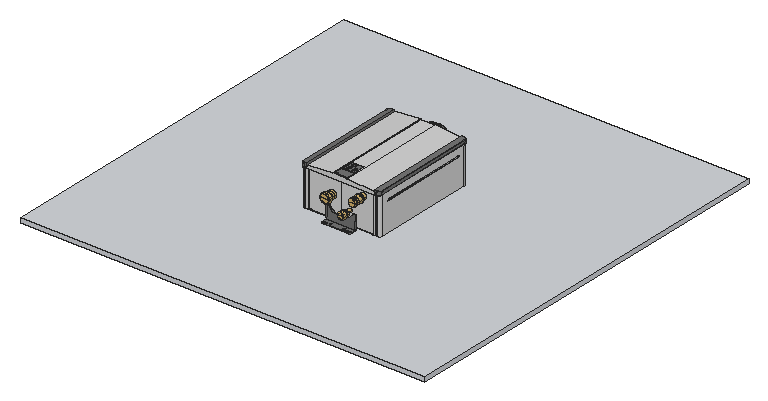
Revit family "Water_Heater-Rinnai-Ultra-Condensing-Tankless-RUC98i", category Mechanical Equipment, host Face, Revit 2012 (continued)
Definition of nested family "Water Heater"
  Automatic sketch dimensions
    plane 27 to curve 137 = 0.06257"
    curve 103 to plane 20 = 0.08334"
    curve 118 to plane 20 = 0.10317"
    plane 15 to curve 101 = 0.14131"
    curve 101 to curve 102 = 0.03504"
    plane 10 to curve 107 = 0.08799"
    plane 10 to curve 100 = 0.14922"
    plane 10 to curve 108 = 0.17772"
    plane 19 to curve 110 = 0.9498"
    curve 106 to curve 109 = 0"
    curve 100 to plane 8 = 0.68345"
    curve 112 to plane 8 = 0.65501"
    curve 112 to curve 109 = 0.08749"
    curve 114 to curve 95 = 0.34525"
    plane 8 to curve 104 = 0.05941"
    plane 8 to curve 101 = 0.05941"
    curve 102 to curve 101 = 0"
    curve 102 to curve 103 = 0.07442"
    curve 77 to plane 5 = 0"
    curve 78 to plane 8 = 0"
    plane 6 to curve 77 = 0"
    plane 8 to curve 67 = 0.22556"
    plane 5 to curve 67 = 0.52045"
    curve 69 to plane 7 = 0.41535"
    curve 67 to curve 69 = 0.48566"
    curve 69 to curve 69 = 0.02285"
    curve 68 to curve 69 = 0"
    curve 68 to curve 69 = 0.05004"
    curve 69 to curve 67 = 0.12848"
    curve 67 to curve 78 = 0.36823"
    curve 69 to curve 70 = 0.83945"
    curve 70 to curve 68 = 0"
    plane 14 to curve 86 = 0.66706"
    curve 86 to curve 83 = 0.06299"
    plane 27 to curve 81 = 0.06257"
    curve 84 to curve 81 = 0.11313"
    plane 14 to curve 82 = 0.01908"
    curve 82 to plane 14 = 0.14711"
    curve 80 to curve 82 = 0"
    curve 149 to plane 7 = 0.19831"
    plane 23 to curve 149 = 0.63676"
    curve 80 to plane 3 "Center (Left/Right)" = 0.01255"
    curve 148 to plane 7 = 0.17145"
    curve 148 to plane 12 = 0.44033"
    plane 27 to curve 87 = 0.15755"
    plane 21 to curve 87 = 0.61592"
    curve 80 to curve 87 = 0"
    plane 27 to curve 88 = 0.06257"
    curve 87 to curve 88 = 0.47629"
    curve 85 to plane 24 = 0.05637"
    plane 11 to curve 85 = 0.86344"
    curve 93 to level = 0.04045"
    curve 85 to curve 93 = 0.06299"
    plane 6 to curve 76 = 1.91844"
    curve 76 to curve 75 = 0"
    curve 79 to level = 0.04045"
    plane 6 to curve 79 = 1.52794"
    curve 79 to curve 74 = 0.3705"
    curve 73 to curve 72 = 0.13838"
    curve 72 to curve 72 = 0.03455"
    curve 75 to curve 72 = 0"
    curve 72 to curve 76 = 0.04004"
    plane 8 to curve 74 = 0.22539"
    plane 6 to curve 74 = 0.52016"
    curve 78 to level = 0.04045"
    curve 86 to level = 0.0398"
    curve 93 to plane 13 = 0.27812"
    curve 91 to curve 83 = 0.17992"
    plane 8 to curve 74 = 0.59333"
    curve 67 to curve 70 = 0.21409"
    curve 68 to curve 70 = 1/16"
    curve 73 to curve 75 = 0.15159"
    curve 75 to curve 76 = 1/16"
    Extrusion 1 sketch curve to plane 5 = 0"
    Extrusion 1 sketch curve to plane 6 = 0"
    plane 5 to Extrusion 1 sketch curve = 0.16126"
    plane 5 to Extrusion 1 sketch curve = 3/4"  (x2)
    Extrusion 1 sketch curve to plane 4 = 0.12422"
    Extrusion 1 sketch curve to Extrusion 1 sketch curve = 0.16126"  (x4)
    Extrusion 1 sketch curve to Extrusion 1 sketch curve = 0.58465"  (x2)
    plane 6 to Extrusion 1 sketch curve = 1.49591"
    Extrusion 1 sketch curve to plane 4 = 29/128"
    plane 6 to Extrusion 1 sketch curve = 0.91126"
    plane 6 to Extrusion 1 sketch curve = 0.16126"
    plane 5 to Extrusion 2 sketch curve = 1.27704"
    Extrusion 2 sketch curve to Extrusion 2 sketch curve = 7/256"  (x2)
    Extrusion 2 sketch curve to plane 3 "Center (Left/Right)" = 0.00497"
    plane 3 "Center (Left/Right)" to Extrusion 2 sketch curve = 0.00974"
    plane 6 to Extrusion 2 sketch curve = 1.30439"
    Sweep 3 sketch curve to plane 6 = 0"
    Sweep 3 sketch curve to plane 5 = 0"
    Sweep 3 sketch curve to plane 4 = 0.12422"
    plane 6 to Sweep 3 sketch curve = 3/4"  (x2)
    Sweep 3 sketch curve to Sweep 3 sketch curve = 0.74591"  (x2)
    plane 5 to Sweep 3 sketch curve = 1.49591"
    plane 5 to Sweep 3 sketch curve = 3/4"
    Sweep 3 sketch curve to profile plane = 0"  (x2)
    Sweep 3 sketch curve to Sweep 3 sketch curve = 0.0315"
    Extrusion 5 sketch curve to plane 4 = 0"
    Extrusion 5 sketch curve to Extrusion 5 sketch curve = 0.59345"
    Extrusion 5 sketch curve to Extrusion 5 sketch curve = 0.61479"
    plane 6 to Extrusion 5 sketch curve = 0.66792"
    Extrusion 6 sketch curve to plane 5 = 0.02756"
    plane 5 to Extrusion 6 sketch curve = 0.72244"  (x2)
    Extrusion 6 sketch curve to plane 4 = 1/128"  (x2)
    Extrusion 6 sketch curve to Extrusion 6 sketch curve = 0.435"
    plane 6 to Extrusion 6 sketch curve = 1.15744"
    plane 6 to Extrusion 6 sketch curve = 0.72244"  (x2)
    Extrusion 6 sketch curve to plane 6 = 0.02756"
    Extrusion 7 sketch curve to plane 5 = 0"
    plane 16 to Extrusion 7 sketch curve = 0.72706"
    plane 5 to Extrusion 8 sketch curve = 1.27704"
    Extrusion 8 sketch curve to Extrusion 8 sketch curve = 7/256"  (x2)
    Extrusion 8 sketch curve to plane 3 "Center (Left/Right)" = 0.00497"
    plane 3 "Center (Left/Right)" to Extrusion 8 sketch curve = 0.00974"
    plane 6 to Extrusion 8 sketch curve = 1.30439"
    plane 7 to Extrusion 9 sketch curve = 0.05435"
    Extrusion 9 sketch curve to plane 23 = 0.11207"
    plane 7 to Extrusion 9 sketch curve = 0.00161"  (x2)
    plane 23 to Extrusion 9 sketch curve = 0.08478"
    Extrusion 9 sketch curve to plane 7 = 0.15611"  (x2)
    Extrusion 9 sketch curve to Extrusion 9 sketch curve = 0.27318"
    Extrusion 9 sketch curve to Extrusion 9 sketch curve = 0.15748"  (x2)
    Extrusion 9 sketch curve to plane 12 = 0.43849"
    Extrusion 9 sketch curve to plane 21 = 0.06324"
    plane 21 to Extrusion 9 sketch curve = 0.13361"  (x2)
    Extrusion 9 sketch curve to plane 7 = 0.33935"
    Extrusion 9 sketch curve to Extrusion 9 sketch curve = 0.0422"
    plane 5 to Extrusion 10 sketch curve = 0.16126"
    Extrusion 10 sketch curve to Extrusion 10 sketch curve = 3/4"  (x2)
    Extrusion 10 sketch curve to Extrusion 10 sketch curve = 0.58465"
    plane 6 to Extrusion 10 sketch curve = 0.91126"  (x2)
    Extrusion 10 sketch curve to plane 4 = 29/128"
    plane 6 to Extrusion 10 sketch curve = 0.16126"
    plane 19 to Revolve 11 sketch curve = 0.25066"  (x2)
    Revolve 11 sketch curve to Revolve 11 sketch curve = 0.19632"
    Revolve 11 sketch curve to Revolve 11 sketch curve = 1.16267"
    Revolve 11 sketch curve to Revolve 11 sketch curve = 0.13556"
    plane 19 to Revolve 11 sketch curve = 0.03937"
    Revolve 11 sketch curve to plane 16 = 5.03831"
    Revolve 11 sketch curve to Revolve 11 sketch curve = 0.19606"
    plane 19 to Revolve 12 sketch curve = 0.25066"  (x2)
    Revolve 12 sketch curve to Revolve 12 sketch curve = 0.19632"
    Revolve 12 sketch curve to Revolve 12 sketch curve = 1.16267"
    Revolve 12 sketch curve to Revolve 12 sketch curve = 0.13556"
    plane 19 to Revolve 12 sketch curve = 0.03937"
    Revolve 12 sketch curve to plane 16 = 5.03831"
    Revolve 12 sketch curve to Revolve 12 sketch curve = 0.19606"
    Sweep 14 sketch curve to plane 3 "Center (Left/Right)" = 1/64"
    Sweep 14 sketch curve to plane 22 = 0.9765"
    Sweep 14 sketch curve to Sweep 14 sketch curve = 0"  (x4)
    Sweep 14 sketch curve to profile plane = 0"  (x2)
    profile plane to Sweep 14 sketch curve = 1.21666"
    profile plane to Sweep 14 sketch curve = 1.21033"
    Sweep 14 sketch curve to Sweep 14 sketch curve = 0.0386"
    Sweep 14 sketch curve to profile plane = 0.1979"
    Sweep 14 sketch curve to Sweep 14 sketch curve = 0.05055"
    Sweep 14 sketch curve to Sweep 14 sketch curve = 0.24211"
    Sweep 14 sketch curve to profile plane = 0.11491"
    Sweep 14 sketch curve to Sweep 14 sketch curve = 0.01705"
    Sweep 14 sketch curve to Sweep 14 sketch curve = 0.00185"
    Sweep 14 sketch curve to profile plane = 0.13491"
    Sweep 14 sketch curve to Sweep 14 sketch curve = 0.01471"
    Sweep 14 sketch curve to Sweep 14 sketch curve = 0.01869"
    Sweep 14 sketch curve to Sweep 14 sketch curve = 0.03188"
    Sweep 14 sketch curve to Sweep 14 sketch curve = 0.00379"
    Sweep 14 sketch curve to Sweep 14 sketch curve = 0.01985"
    Sweep 14 sketch curve to Sweep 14 sketch curve = 0.02907"
    Sweep 14 sketch curve to Sweep 14 sketch curve = 0.02"
    Sweep 14 sketch curve to Sweep 14 sketch curve = 0.11289"
    Sweep 14 sketch curve to Sweep 14 sketch curve = 0.02082"
    Sweep 14 sketch curve to Sweep 14 sketch curve = 0.0196"
    Sweep 14 sketch curve to Sweep 14 sketch curve = 0.17385"
    Sweep 14 sketch curve to Sweep 14 sketch curve = 0.03347"
    Sweep 14 sketch curve to Sweep 14 sketch curve = 0.16817"
    Sweep 14 sketch curve to profile plane = 0.03937"
    Sweep 14 sketch curve to Sweep 14 sketch curve = 0.03937"
    Sweep 14 sketch curve to Sweep 14 sketch curve = 0.07401"
    Sweep 14 sketch curve to Sweep 14 sketch curve = 0.19685"
    Sweep 14 sketch curve to Sweep 14 sketch curve = 0.0842"
    Sweep 14 sketch curve to Sweep 14 sketch curve = 0.00051"
    Sweep 14 sketch curve to Sweep 14 sketch curve = 0.02307"
    Sweep 14 sketch curve to Sweep 14 sketch curve = 0.14317"
    Sweep 14 sketch curve to Sweep 14 sketch curve = 1.09677"
    Sweep 14 sketch curve to Sweep 14 sketch curve = 0.08034"
    Sweep 14 sketch curve to Sweep 14 sketch curve = 0.12287"
    Sweep 14 sketch curve to Sweep 14 sketch curve = 0.03219"
    Extrusion 15 sketch curve to plane 3 "Center (Left/Right)" = 1/64"
    plane 19 to Extrusion 15 sketch curve = 1.02793"
    Revolve 16 sketch curve to plane 14 = 0.12393"
    Revolve 16 sketch curve to Revolve 16 sketch curve = 0.03504"
    plane 23 to Revolve 16 sketch curve = 0.13583"
    Revolve 16 sketch curve to Revolve 16 sketch curve = 0.1564"
    Revolve 16 sketch curve to plane 3 "Center (Left/Right)" = 0.00981"
    Revolve 16 sketch curve to plane 16 = 1.00882"
    Revolve 16 sketch curve to plane 16 = 0.68789"
    Revolve 16 sketch curve to Revolve 16 sketch curve = 0.037"
    Revolve 16 sketch curve to Revolve 16 sketch curve = 0.07874"
    plane 16 to Revolve 16 sketch curve = 0.72706"  (x2)
    plane 5 to Revolve 17 sketch curve = 1.26381"
    Revolve 17 sketch curve to Revolve 17 sketch curve = 0.08779"
    Revolve 17 sketch curve to Revolve 17 sketch curve = 1.97914"
    Revolve 17 sketch curve to Revolve 17 sketch curve = 0"  (x3)
    plane 4 to Revolve 17 sketch curve = 0.16817"
    Revolve 17 sketch curve to Revolve 17 sketch curve = 0.98144"
    Revolve 17 sketch curve to Revolve 17 sketch curve = 0.07874"
    plane 22 to Extrusion 18 sketch curve = 0.06809"
    plane 5 to Extrusion 18 sketch curve = 0.96853"
    Extrusion 18 sketch curve to plane 8 = 0.34525"
    Extrusion 18 sketch curve to Extrusion 18 sketch curve = 1 1/4"
    Extrusion 18 sketch curve to plane 10 = 0.28029"
    plane 14 to Extrusion 18 sketch curve = 1.91706"  (x2)
    Extrusion 18 sketch curve to plane 19 = 0.0894"
    plane 14 to Extrusion 19 sketch curve = 0.07257"
    plane 8 to Extrusion 19 sketch curve = 0.24136"
    plane 23 to Extrusion 19 sketch curve = 0.91142"  (x2)
    Extrusion 19 sketch curve to plane 20 = 0.10317"
    Extrusion 19 sketch curve to plane 12 = 0.02294"  (x2)
    Extrusion 19 sketch curve to plane 19 = 0.17601"
    plane 14 to Extrusion 20 sketch curve = 0.60587"
    Extrusion 20 sketch curve to Extrusion 20 sketch curve = 0.21663"
    Extrusion 20 sketch curve to Extrusion 20 sketch curve = 0.08337"
    Extrusion 20 sketch curve to Extrusion 20 sketch curve = 0.11714"  (x2)
    Extrusion 20 sketch curve to plane 14 = 0.10821"
    Extrusion 20 sketch curve to plane 23 = 0.24361"
    plane 23 to Extrusion 20 sketch curve = 0.53101"
    Extrusion 20 sketch curve to plane 12 = 0.3808"
    plane 21 to Extrusion 20 sketch curve = 0.23419"
    Extrusion 20 sketch curve to Extrusion 20 sketch curve = 0.41418"
    Extrusion 20 sketch curve to Extrusion 20 sketch curve = 0.26687"
    Extrusion 20 sketch curve to Extrusion 20 sketch curve = 0.02665"
    plane 11 to Extrusion 20 sketch curve = 0.8645"
    Extrusion 20 sketch curve to Extrusion 20 sketch curve = 0.06998"  (x2)
    Extrusion 20 sketch curve to Extrusion 20 sketch curve = 0.07943"  (x2)
    Extrusion 20 sketch curve to Extrusion 20 sketch curve = 0.07035"
    Extrusion 20 sketch curve to Extrusion 20 sketch curve = 0.10791"  (x2)
    Extrusion 21 sketch curve to plane 28 = 0"
    plane 29 to Extrusion 21 sketch curve = 0"
    plane 28 to Extrusion 21 sketch curve = 0.11313"
    plane 14 to Extrusion 21 sketch curve = 0.01908"
    Extrusion 21 sketch curve to plane 14 = 0.14711"
    Extrusion 21 sketch curve to Extrusion 21 sketch curve = 0"  (x2)
    Extrusion 21 sketch curve to plane 3 "Center (Left/Right)" = 0.01255"
    plane 27 to Extrusion 21 sketch curve = 0.15755"
    plane 21 to Extrusion 21 sketch curve = 0.61592"
    plane 27 to Extrusion 21 sketch curve = 0.06257"
    Extrusion 21 sketch curve to Extrusion 21 sketch curve = 0.16453"
    plane 29 to Extrusion 21 sketch curve = 0.10742"
    Extrusion 21 sketch curve to plane 24 = 0.05637"
    Extrusion 22 sketch curve to Extrusion 22 sketch curve = 0.11952"
    Extrusion 22 sketch curve to plane 25 = 0.01157"
    Extrusion 22 sketch curve to Extrusion 22 sketch curve = 0.12047"
    Extrusion 22 sketch curve to plane 13 = 0.39764"
    Extrusion 23 sketch curve to level = 0.02001"
    Extrusion 23 sketch curve to Extrusion 23 sketch curve = 0.12"
    Extrusion 23 sketch curve to Extrusion 23 sketch curve = 0.12047"
    plane 27 to Extrusion 23 sketch curve = 0.47562"
    Extrusion 24 sketch curve to plane 14 = 0.60587"
    Extrusion 24 sketch curve to Extrusion 24 sketch curve = 0.21663"
    Extrusion 24 sketch curve to Extrusion 24 sketch curve = 0.08337"
    Extrusion 24 sketch curve to Extrusion 24 sketch curve = 0.11714"  (x2)
    plane 14 to Extrusion 24 sketch curve = 0.10821"
    plane 23 to Extrusion 24 sketch curve = 0.24361"
    Extrusion 24 sketch curve to plane 23 = 0.53101"
    plane 12 to Extrusion 24 sketch curve = 0.3808"
    Extrusion 24 sketch curve to plane 21 = 0.23419"
    Extrusion 24 sketch curve to Extrusion 24 sketch curve = 0.41418"
    Extrusion 24 sketch curve to Extrusion 24 sketch curve = 0.26687"
    Extrusion 24 sketch curve to Extrusion 24 sketch curve = 0.02665"
    plane 4 to Extrusion 24 sketch curve = 0.12422"
    Extrusion 24 sketch curve to plane 11 = 0.8645"
    Extrusion 24 sketch curve to plane 4 = 0.76189"  (x2)
    Extrusion 24 sketch curve to plane 4 = 0.89402"  (x2)
    Extrusion 24 sketch curve to Extrusion 24 sketch curve = 0.06998"  (x2)
    Extrusion 24 sketch curve to Extrusion 24 sketch curve = 0.07943"  (x2)
    Extrusion 24 sketch curve to Extrusion 24 sketch curve = 0.07035"
    Extrusion 24 sketch curve to Extrusion 24 sketch curve = 0.10791"  (x2)
    Extrusion 25 sketch curve to plane 30 = 0"
    plane 31 to Extrusion 25 sketch curve = 0"
    plane 30 to Extrusion 25 sketch curve = 0.11313"
    plane 14 to Extrusion 25 sketch curve = 0.01908"
    Extrusion 25 sketch curve to plane 14 = 0.14711"
    Extrusion 25 sketch curve to Extrusion 25 sketch curve = 0"  (x2)
    Extrusion 25 sketch curve to plane 3 "Center (Left/Right)" = 0.01255"
    plane 27 to Extrusion 25 sketch curve = 0.15755"
    plane 21 to Extrusion 25 sketch curve = 0.61592"
    plane 27 to Extrusion 25 sketch curve = 0.06257"
    Extrusion 25 sketch curve to Extrusion 25 sketch curve = 0.16453"
    plane 31 to Extrusion 25 sketch curve = 0.10742"
    Extrusion 25 sketch curve to plane 24 = 0.05637"
    plane 13 to Extrusion 26 sketch curve = 0.39764"
    Extrusion 26 sketch curve to plane 4 = 0.2455"
    Extrusion 26 sketch curve to Extrusion 26 sketch curve = 0.11952"
    plane 25 to Extrusion 26 sketch curve = 0.01157"
    Extrusion 26 sketch curve to Extrusion 26 sketch curve = 0.12047"
    Extrusion 26 sketch curve to Extrusion 26 sketch curve = 0.15607"
    level to Extrusion 27 sketch curve = 0.02001"
    Extrusion 27 sketch curve to plane 4 = 0.2455"
    Extrusion 27 sketch curve to Extrusion 27 sketch curve = 0.12"
    Extrusion 27 sketch curve to Extrusion 27 sketch curve = 0.12047"
    plane 4 to Extrusion 27 sketch curve = 0.03009"
    Extrusion 27 sketch curve to plane 27 = 0.47562"
    Masking region 1 sketch curve to plane 4 = 0"  (x2)
    Masking region 1 sketch curve to plane 5 = 0.01381"
    plane 5 to Masking region 1 sketch curve = 0.72244"  (x2)
    Masking region 1 sketch curve to plane 4 = 1/128"
    Masking region 1 sketch curve to Masking region 1 sketch curve = 0.24092"
    Masking region 1 sketch curve to Masking region 1 sketch curve = 0.30044"
    plane 4 to Masking region 1 sketch curve = 0.16817"
    Masking region 1 sketch curve to Masking region 1 sketch curve = 0.38823"
    plane 14 to Masking region 1 sketch curve = 1.05024"
    Masking region 1 sketch curve to Masking region 1 sketch curve = 0.0879"
    Masking region 1 sketch curve to Masking region 1 sketch curve = 0.38318"
    plane 14 to Masking region 1 sketch curve = 0.07257"
    plane 14 to Masking region 1 sketch curve = 0.03453"
    Masking region 1 sketch curve to plane 14 = 0.00484"
    Masking region 1 sketch curve to plane 14 = 0.06748"
    Masking region 1 sketch curve to Masking region 1 sketch curve = 0.04668"  (x2)
    Masking region 1 sketch curve to plane 14 = 0.12393"
    Masking region 1 sketch curve to Masking region 1 sketch curve = 0.03504"  (x2)
    plane 23 to Masking region 1 sketch curve = 0.13583"
    Masking region 1 sketch curve to plane 21 = 0.13376"
    plane 21 to Masking region 1 sketch curve = 0.60911"
    plane 4 to Masking region 1 sketch curve = 0.25285"
    plane 21 to Masking region 1 sketch curve = 0.6422"
    Masking region 1 sketch curve to Masking region 1 sketch curve = 0.10737"
    Masking region 1 sketch curve to Masking region 1 sketch curve = 0.03937"  (x3)
    Masking region 1 sketch curve to Masking region 1 sketch curve = 0.15177"
    plane 6 to Masking region 1 sketch curve = 0.72244"
    plane 6 to Masking region 1 sketch curve = 0.67054"
    Masking region 1 sketch curve to plane 6 = 0.01381"
    Masking region 1 sketch curve to Masking region 1 sketch curve = 3/4"
    plane 4 to Masking region 1 sketch curve = 0.16929"
    plane 4 to Masking region 1 sketch curve = 0.22589"
    Masking region 1 sketch curve to Masking region 1 sketch curve = 0.02695"  (x2)
    Masking region 1 sketch curve to Masking region 1 sketch curve = 0.98144"
    Masking region 1 sketch curve to Masking region 1 sketch curve = 0.98031"
    Masking region 1 sketch curve to Masking region 1 sketch curve = 0.07874"  (x2)
    Masking region 1 sketch curve to plane 16 = 0.92411"  (x2)
    Masking region 1 sketch curve to Masking region 1 sketch curve = 0.19685"  (x2)
    Masking region 1 sketch curve to Masking region 1 sketch curve = 0.037"  (x2)
    Masking region 1 sketch curve to plane 16 = 0.57215"
    plane 16 to Masking region 1 sketch curve = 0.72706"
    Masking region 2 sketch curve to plane 5 = 0"
    plane 6 to Masking region 2 sketch curve = 0"
    Masking region 2 sketch curve to plane 24 = 0"
    plane 24 to Masking region 4 sketch curve = 0"
    plane 16 to Masking region 4 sketch curve = 0.72706"
    Masking region 5 sketch curve to plane 8 = 0"
    Masking region 5 sketch curve to level = 0.04124"
    Masking region 5 sketch curve to plane 4 = 0.12288"
    Masking region 5 sketch curve to plane 16 = 2.67"
    Masking region 5 sketch curve to plane 15 = 0.02389"
    Masking region 5 sketch curve to Masking region 5 sketch curve = 0.34877"
    Masking region 5 sketch curve to Masking region 5 sketch curve = 0.22589"
    Masking region 5 sketch curve to Masking region 5 sketch curve = 0.06793"
    plane 15 to Masking region 5 sketch curve = 0.08481"
    Masking region 5 sketch curve to plane 16 = 1.04598"
    Masking region 5 sketch curve to Masking region 5 sketch curve = 0.03716"
    plane 8 to Masking region 5 sketch curve = 0.04817"
    Masking region 5 sketch curve to plane 16 = 0.92411"
    Masking region 5 sketch curve to Masking region 5 sketch curve = 0.08471"
    Masking region 5 sketch curve to Masking region 5 sketch curve = 0.19685"  (x2)
    Masking region 5 sketch curve to plane 20 = 0.08334"
    Masking region 5 sketch curve to Masking region 5 sketch curve = 0.03937"  (x3)
    Masking region 5 sketch curve to Masking region 5 sketch curve = 0.037"  (x2)
    Masking region 5 sketch curve to Masking region 5 sketch curve = 0.07874"  (x2)
    plane 10 to Masking region 5 sketch curve = 0.14922"
    plane 16 to Masking region 5 sketch curve = 0.72706"
    Masking region 5 sketch curve to Masking region 5 sketch curve = 0.08089"
    plane 15 to Masking region 5 sketch curve = 0.0686"
    plane 15 to Masking region 5 sketch curve = 0.14131"
    Masking region 5 sketch curve to Masking region 5 sketch curve = 0.03504"  (x2)
    Masking region 5 sketch curve to plane 8 = 0.68345"
    plane 8 to Masking region 5 sketch curve = 0.05941"
    Masking region 5 sketch curve to Masking region 5 sketch curve = 0.03505"
    Masking region 5 sketch curve to Masking region 5 sketch curve = 0.08566"
    plane 8 to Masking region 5 sketch curve = 0.24136"
    Masking region 6 sketch curve to plane 5 = 0"
    Masking region 6 sketch curve to plane 6 = 0"
    plane 16 to Masking region 6 sketch curve = 0.72706"
    plane 23 to Extrusion 28 sketch curve = 0.63676"
    Extrusion 28 sketch curve to Extrusion 28 sketch curve = 0.06"  (x3)
    Extrusion 28 sketch curve to plane 12 = 0.38033"  (x2)
    Extrusion 28 sketch curve to Extrusion 28 sketch curve = 1.755"
    curve 67 to curve 69 = 0.33187"
    curve 73 to curve 75 = 0.07509"
    Extrusion 13 sketch curve to plane 5 = 0.23785"
    Extrusion 13 sketch curve to plane 5 = 0.03521"
    plane 5 to Extrusion 13 sketch curve = 0.03289"
    Extrusion 13 sketch curve to Extrusion 13 sketch curve = 0"  (x2)
    plane 5 to Extrusion 13 sketch curve = 0.04544"
    plane 8 to Extrusion 13 sketch curve = 0.19414"  (x2)
    plane 5 to Extrusion 13 sketch curve = 1.15744"
    plane 8 to Extrusion 13 sketch curve = 0.02539"  (x2)
    Extrusion 13 sketch curve to Extrusion 13 sketch curve = 0.17596"
    Extrusion 13 sketch curve to plane 3 "Center (Left/Right)" = 0.02677"
    plane 3 "Center (Left/Right)" to Extrusion 13 sketch curve = 0.01184"
    plane 6 to Extrusion 13 sketch curve = 1.35744"
    Extrusion 13 sketch curve to Extrusion 13 sketch curve = 0.2"
    plane 6 to Extrusion 13 sketch curve = 0.06604"
    plane 6 to Extrusion 13 sketch curve = 0.05362"
    Extrusion 13 sketch curve to plane 6 = 0.01381"
    Extrusion 13 sketch curve to plane 6 = 0.21381"
    plane 24 to Extrusion 13 sketch curve = 48.09837"
    Extrusion 13 sketch curve to Extrusion 13 sketch curve = 0.0012"
    Extrusion 1 sketch curve to Extrusion 1 sketch curve = 0.06299"  (x2)
    Extrusion 2 sketch curve to Extrusion 2 sketch curve = 0.01019"
    Extrusion 8 sketch curve to Extrusion 8 sketch curve = 0.01019"
    plane 1 "Center (Front/Back)" to curve 99 = 10.76797"
    curve 137 to curve 96 = 2.02615"
    curve 141 to curve 137 = 0.00051"
    curve 135 to curve 137 = 0.07826"
    plane 1 "Center (Front/Back)" to Extrusion 1 sketch curve = 12.00728"  (x2)
    plane 1 "Center (Front/Back)" to Extrusion 2 sketch curve = 12.75728"
    plane 1 "Center (Front/Back)" to Sweep 3 sketch curve = 12.07027"  (x2)
    Extrusion 5 sketch curve to Extrusion 5 sketch curve = 0.68312"
    plane 1 "Center (Front/Back)" to Extrusion 5 sketch curve = 12.46688"
    plane 1 "Center (Front/Back)" to Extrusion 6 sketch curve = 12.4"  (x2)
    plane 1 "Center (Front/Back)" to Extrusion 7 sketch curve = 14.56214"
    plane 1 "Center (Front/Back)" to Extrusion 8 sketch curve = 12.75728"
    plane 1 "Center (Front/Back)" to Extrusion 10 sketch curve = 12.00728"
    plane 1 "Center (Front/Back)" to Revolve 11 sketch curve = 9.47992"
    plane 1 "Center (Front/Back)" to Revolve 12 sketch curve = 9.47992"
    plane 1 "Center (Front/Back)" to Extrusion 20 sketch curve = 14.56214"
    Extrusion 20 sketch curve to Extrusion 20 sketch curve = 0.13195"
    Extrusion 20 sketch curve to Extrusion 20 sketch curve = 0.20211"  (x2)
    Extrusion 20 sketch curve to Extrusion 20 sketch curve = 1.14728"
    plane 1 "Center (Front/Back)" to Extrusion 22 sketch curve = 13.17362"
    Extrusion 22 sketch curve to Extrusion 22 sketch curve = 0.15607"
    plane 1 "Center (Front/Back)" to Extrusion 23 sketch curve = 13.17362"
    Extrusion 23 sketch curve to Extrusion 23 sketch curve = 0.15512"
    plane 1 "Center (Front/Back)" to Masking region 1 sketch curve = 12.4"  (x2)
    Masking region 1 sketch curve to Masking region 1 sketch curve = 0.14296"
    plane 1 "Center (Front/Back)" to Masking region 4 sketch curve = 14.56214"
    plane 1 "Center (Front/Back)" to Masking region 5 sketch curve = 12.81978"
    Masking region 5 sketch curve to Masking region 5 sketch curve = 0.73137"
    plane 1 "Center (Front/Back)" to Masking region 6 sketch curve = 14.56214"
    plane 1 "Center (Front/Back)" to Extrusion 28 sketch curve = 12.6188"
    Extrusion 9 sketch curve to Extrusion 9 sketch curve = 0.43951"
    plane 7 to Extrusion 13 sketch curve = 0.18429"  (x2)
    Masking region 2 sketch curve to plane 7 = 0.14124"
    Masking region 4 sketch curve to plane 7 = 0.14124"
    Masking region 5 sketch curve to plane 7 = 0.14124"
    curve 94 to curve 94 = 0.08577"
    Extrusion 4 sketch curve to plane 3 "Center (Left/Right)" = 0"
    Extrusion 4 sketch curve to plane 33 = 0"
    plane 23 to Extrusion 4 sketch curve = 0.65785"
    Extrusion 4 sketch curve to plane 33 = 0.56589"  (x2)
    Extrusion 4 sketch curve to plane 3 "Center (Left/Right)" = 8.09256"
    Extrusion 4 sketch curve to plane 5 = 9/32"
    Extrusion 4 sketch curve to plane 12 = 0.29613"
    plane 3 "Center (Left/Right)" to Extrusion 4 sketch curve = 8.09256"
    Extrusion 4 sketch curve to plane 6 = 9/32"
    plane 8 to Extrusion 4 sketch curve = 0.19414"  (x2)
    Masking region 3 sketch curve to plane 5 = 0"
    Masking region 3 sketch curve to plane 5 = 0.01381"
    plane 5 to Masking region 3 sketch curve = 0.05362"
    Masking region 3 sketch curve to Masking region 3 sketch curve = 0"  (x4)
    plane 5 to Masking region 3 sketch curve = 0.06604"
    plane 8 to Masking region 3 sketch curve = 0.19414"
    Masking region 3 sketch curve to Masking region 3 sketch curve = 0.46603"
    plane 8 to Masking region 3 sketch curve = 0.22539"  (x2)
    Masking region 3 sketch curve to Masking region 3 sketch curve = 0.05413"  (x2)
    Masking region 3 sketch curve to Masking region 3 sketch curve = 0.63728"
    Masking region 3 sketch curve to plane 25 = 0.01157"
    plane 14 to Masking region 3 sketch curve = 0.66706"
    Masking region 3 sketch curve to Masking region 3 sketch curve = 0.06299"
    plane 33 to Masking region 3 sketch curve = 0.02703"  (x2)
    plane 23 to Masking region 3 sketch curve = 0.28544"
    Masking region 3 sketch curve to plane 33 = 0.01487"  (x2)
    Masking region 3 sketch curve to Masking region 3 sketch curve = 0.07258"  (x2)
    plane 7 to Masking region 3 sketch curve = 0.11665"  (x2)
    Masking region 3 sketch curve to Masking region 3 sketch curve = 0.15748"
    plane 23 to Masking region 3 sketch curve = 0.65785"
    Masking region 3 sketch curve to plane 3 "Center (Left/Right)" = 0.01184"
    plane 3 "Center (Left/Right)" to Masking region 3 sketch curve = 0.01184"
    Masking region 3 sketch curve to plane 12 = 0.29613"
    Masking region 3 sketch curve to plane 12 = 0.43849"
    Masking region 3 sketch curve to plane 24 = 0.00215"
    plane 11 to Masking region 3 sketch curve = 0.86256"
    Masking region 3 sketch curve to plane 25 = 0.01186"
    Masking region 3 sketch curve to Masking region 3 sketch curve = 0.06133"
    Masking region 3 sketch curve to plane 33 = 0.14924"
    plane 6 to Masking region 3 sketch curve = 1.15744"
    plane 6 to Masking region 3 sketch curve = 0.52016"
    plane 6 to Masking region 3 sketch curve = 0.06604"
    plane 6 to Masking region 3 sketch curve = 0.05362"
    Masking region 3 sketch curve to plane 6 = 0.00046"
    Masking region 3 sketch curve to Masking region 3 sketch curve = 0.07985"
    Masking region 3 sketch curve to Masking region 3 sketch curve = 21.46811"
    Masking region 3 sketch curve to level = 0.04046"
    Masking region 3 sketch curve to level = 0.04045"
    Masking region 3 sketch curve to Masking region 3 sketch curve = 1/32"
    curve 1 to plane 32 = 0"
    curve 13 to plane 4 = 0"
    curve 3 to plane 32 = 0"
    curve 4 to plane 32 = 0"
    curve 57 to plane 4 = 0"
    curve 58 to plane 4 = 0"
    curve 2 to plane 32 = 0"
    curve 1 to plane 4 = 1/128"
    plane 5 to curve 1 = 0.91417"
    plane 4 to curve 6 = 0.16817"
    curve 1 to curve 6 = 0.43742"
    curve 5 to curve 6 = 0"  (x2)
    plane 14 to curve 6 = 1.05012"
    curve 6 to curve 47 = 0.38306"
    curve 13 to curve 48 = 0"
    curve 13 to curve 46 = 0.06119"
    plane 32 to curve 24 = 0.01515"
    plane 14 to curve 24 = 0.60587"
    curve 46 to curve 51 = 0.21663"
    curve 24 to curve 27 = 0.21663"
    plane 14 to curve 45 = 0.30587"
    plane 14 to curve 22 = 0.30587"
    curve 26 to curve 26 = 0.11714"
    curve 52 to curve 51 = 0.11714"
    plane 4 to curve 49 = 0.0329"
    plane 14 to curve 49 = 0.07052"
    plane 14 to curve 10 = 0.03453"
    curve 12 to plane 14 = 0.07083"
    curve 31 to plane 14 = 0.10821"
    curve 54 to plane 14 = 0.10821"
    curve 11 to plane 14 = 0.11"
    curve 44 to plane 14 = 0.1136"
    curve 9 to plane 14 = 0.15897"
    curve 8 to curve 9 = 0"
    curve 33 to plane 23 = 0.24361"
    curve 3 to plane 23 = 0.11207"
    plane 23 to curve 7 = 0.13583"
    plane 23 to curve 34 = 0.53101"
    plane 23 to curve 17 = 0.63676"
    curve 17 to curve 18 = 0.06"
    curve 15 to curve 15 = 0.06"
    curve 21 to plane 12 = 0.38033"
    curve 19 to plane 12 = 0.38033"
    curve 35 to plane 12 = 0.3808"
    curve 21 to curve 20 = 0.06"
    curve 7 to plane 21 = 0.13386"
    plane 21 to curve 4 = 0.13361"
    plane 21 to curve 36 = 0.23419"
    plane 21 to curve 8 = 0.60901"
    curve 9 to curve 8 = 0"
    curve 9 to curve 11 = 0.03166"
    curve 55 to curve 11 = 0"
    curve 36 to curve 39 = 0.41418"
    curve 55 to curve 65 = 0.00771"
    plane 4 to curve 12 = 0.22589"
    curve 4 to curve 12 = 0.55216"
    curve 9 to curve 10 = 0.18188"
    curve 12 to curve 13 = 0.15478"
    curve 59 to curve 13 = 0"
    curve 65 to curve 62 = 0.26687"
    curve 36 to curve 40 = 0.26687"
    curve 61 to curve 61 = 0.11714"
    curve 41 to curve 41 = 0.11714"
    curve 61 to curve 55 = 0.02665"
    curve 40 to curve 22 = 0.02665"
    plane 4 to curve 60 = 0.2455"
    curve 59 to curve 60 = 0.52256"
    plane 32 to curve 25 = 0.00202"
    plane 11 to curve 25 = 0.8645"
    curve 60 to curve 58 = 0.06406"
    plane 6 to curve 2 = 0.91417"
    curve 34 to plane 32 = 0.82618"
    curve 35 to plane 32 = 0.82618"
    curve 29 to plane 32 = 0.9583"
    curve 42 to plane 32 = 0.9583"
    curve 33 to curve 26 = 0.06998"
    curve 39 to curve 41 = 0.06998"
    curve 40 to curve 41 = 0.07943"
    curve 28 to curve 26 = 0.07943"
    curve 66 to curve 40 = 0.07035"
    curve 31 to curve 31 = 0.10791"
    curve 39 to curve 39 = 0.10791"
    plane 32 to curve 18 = 0.5312"
    curve 16 to curve 16 = 1.755"
    curve 2 to plane 4 = 1/128"
    curve 13 to curve 59 = 0.0329"
    curve 49 to curve 48 = 0.13639"
    curve 48 to curve 48 = 0.07621"
    curve 47 to curve 52 = 0.64852"
    curve 12 to curve 62 = 0.66812"
    curve 62 to curve 65 = 0.06998"
    curve 51 to curve 54 = 0.06998"
    curve 63 to curve 64 = 0.07943"
    curve 51 to curve 50 = 0.07943"
    curve 61 to curve 57 = 0.07035"
    curve 50 to curve 45 = 0.07441"
    curve 65 to curve 65 = 0.10791"
    curve 54 to curve 54 = 0.10791"
    curve 6 to curve 5 = 0.98144"
    curve 55 to curve 11 = 0.39803"
    curve 11 to curve 10 = 0.19685"
    curve 10 to curve 9 = 0.03937"
    curve 9 to curve 8 = 0.037"
    curve 7 to plane 16 = 0.57215"
    curve 147 to curve 99 = 2.75755"
    curve 15 to curve 154 = 0.07121"
    curve 154 to curve 155 = 0.06"
    curve 153 to curve 153 = 0.06151"
    curve 153 to curve 162 = 0.33943"
    curve 161 to curve 160 = 0.03527"
    curve 162 to curve 166 = 0.04"
    curve 165 to curve 169 = 0.03926"
    curve 155 to curve 170 = 0.4202"
    curve 168 to curve 168 = 1/4"
    curve 170 to curve 171 = 1/4"
    curve 163 to plane 3 "Center (Left/Right)" = 0.08965"
    curve 163 to curve 163 = 0.04"
    curve 167 to curve 167 = 0.04"
    plane 3 "Center (Left/Right)" to curve 173 = 0.43832"
    plane 3 "Center (Left/Right)" to curve 174 = 0.43832"
    curve 172 to curve 172 = 1/4"
    curve 174 to curve 175 = 1/4"
    curve 159 to plane 12 = 0.15896"
    curve 157 to plane 12 = 0.15896"
    curve 157 to curve 158 = 0.06"
    curve 15 to curve 155 = 0.0617"
    curve 155 to curve 170 = 0.46178"
    curve 170 to curve 173 = 0"
    curve 172 to curve 174 = 0.70658"
    curve 170 to curve 168 = 0.70871"
    curve 168 to curve 166 = 0.8554"
    curve 167 to curve 163 = 0.45418"
    curve 162 to curve 153 = 0.271"
    plane 23 to Extrusion 29 sketch curve = 0.76797"
    Extrusion 29 sketch curve to Extrusion 29 sketch curve = 0.06"  (x2)
    Extrusion 29 sketch curve to Extrusion 29 sketch curve = 0.06151"
    Extrusion 29 sketch curve to plane 12 = 0.15896"  (x2)
    plane 32 to Extrusion 29 sketch curve = 2.4679"
    Extrusion 29 sketch curve to Extrusion 29 sketch curve = 2.79581"
    Extrusion 30 sketch curve to plane 3 "Center (Left/Right)" = 0.95508"
    Extrusion 30 sketch curve to Extrusion 30 sketch curve = 0.03527"
    Extrusion 30 sketch curve to Extrusion 30 sketch curve = 0.04"  (x2)
    Extrusion 30 sketch curve to plane 3 "Center (Left/Right)" = 0.62582"  (x2)
    Extrusion 30 sketch curve to plane 3 "Center (Left/Right)" = 0.08965"  (x2)
    plane 12 to Extrusion 30 sketch curve = 0.48168"  (x2)
    plane 32 to Extrusion 30 sketch curve = 2.98968"
    Extrusion 30 sketch curve to Extrusion 30 sketch curve = 0"
    Extrusion 30 sketch curve to Extrusion 30 sketch curve = 0.70658"
    Extrusion 30 sketch curve to Extrusion 30 sketch curve = 0.70871"
    Extrusion 30 sketch curve to Extrusion 30 sketch curve = 0.8554"
    Extrusion 30 sketch curve to Extrusion 30 sketch curve = 0.45418"
    radius of Sweep 14 sketch curve = 2.53"
    radius of Extrusion 15 sketch curve = 2.76047"
    radius of Extrusion 20 sketch curve = 1/4"  (x2)
    radius of Extrusion 24 sketch curve = 1/4"  (x2)
    radius of curve 34 = 1/4"
    radius of curve 35 = 1/4"
    radius of Extrusion 30 sketch curve = 1/4"  (x4)
Definition of nested family "Pipes"
  Parameters (values of type "Pipes")
    Pipe Material = Metal - Rinnai - Aluminum Frame - Brass - Stain
  Reference planes (in)
    plane 1 "Center (Front/Back)": y = 0
    plane 2: z = 0
    plane 3 "Center (Left/Right)": x = 0
    plane 4: y = 1.33858
    plane 5: z = 0.505
  Forms (in)
    Revolve 1, solid, material "Metal - Rinnai - Aluminum Frame - Brass - Stain" <- "Pipe Material", detail levels fine
      sketch origin (0, 0, 5.73209) x (1, 0, 0) y (0, 1, 0)
        loop
          line (-3.57004, -0.9459) -> (-2.57004, -0.9459) -> (-2.57004, 1.33858) -> (-3.44946, 1.33858) -> (-3.41727, 0.72441) -> (-3.47911, 0.72441) -> (-3.47911, 0.07292)
          arc (-3.47911, 0.07292) -> (-3.48697, 0.05393) -> (-3.50597, 0.04606) r 0.02686
          line (-3.50597, 0.04606) -> (-3.54269, 0.04606)
          arc (-3.54269, 0.04606) -> (-3.58891, 0.03368) -> (-3.62274, -0.00015) r 0.09243
          line (-3.62274, -0.00015) -> (-3.68471, -0.10749)
          arc (-3.68471, -0.10749) -> (-3.70531, -0.15723) -> (-3.71234, -0.21061) r 0.20624
          line (-3.71234, -0.21061) -> (-3.71234, -0.86374) -> (-3.57004, -0.9459)
        axis (-2.57004, 1.33858) -> (-2.57004, -0.9459)
      angle from 0 to 360
    Revolve 2, solid, material "Metal - Rinnai - Aluminum Frame - Brass - Stain" <- "Pipe Material", detail levels fine
      sketch origin (0, 0, 3.75493) x (1, 0, 0) y (0, 1, 0)
        loop
          arc (1.27156, 0.03516) -> (1.26126, 0.0103) -> (1.2364, 0) r 0.03516
          line (1.2364, 0) -> (0.95449, 0)
          arc (0.95449, 0) -> (0.92311, -0.013) -> (0.91011, -0.04439) r 0.04439
          line (0.91011, -0.04439) -> (0.91011, -0.53932)
          arc (0.91011, -0.53932) -> (0.90677, -0.56981) -> (0.89691, -0.59886) r 0.14089
          line (0.89691, -0.59886) -> (0.84056, -0.7197)
          arc (0.84056, -0.7197) -> (0.83312, -0.74161) -> (0.8306, -0.76462) r 0.10629
          line (0.8306, -0.76462) -> (0.8306, -1.44122) -> (0.9619, -1.52012) -> (1.64829, -1.52012) -> (1.64829, 1.33858) -> (1.27156, 1.33858) -> (1.27156, 0.03516)
        axis (1.64829, 1.33858) -> (1.64829, -1.52012)
      angle from 0 to 360
    Revolve 3, solid, material "Metal - Rinnai - Aluminum Frame - Brass - Stain" <- "Pipe Material", detail levels fine
      sketch origin (0.0625, 0, 7.82256) x (1, 0, 0) y (0, 1, 0)
        loop
          line (4.63913, 1.33858) -> (3.89727, 1.33858) -> (3.89727, 0.57916)
          arc (3.89727, 0.57916) -> (3.90169, 0.55689) -> (3.91431, 0.53801) r 0.05818
          line (3.91431, 0.53801) -> (3.97376, 0.47857)
          arc (3.97376, 0.47857) -> (3.97799, 0.4573) -> (3.95995, 0.44525) r 0.01952
          line (3.95995, 0.44525) -> (3.75631, 0.44525)
          arc (3.75631, 0.44525) -> (3.73498, 0.43641) -> (3.72615, 0.41509) r 0.03016
          line (3.72615, 0.41509) -> (3.72615, 0.22228)
          arc (3.72615, 0.22228) -> (3.73313, 0.20014) -> (3.75155, 0.186) r 0.03861
          line (3.75155, 0.186) -> (3.79036, 0.17188)
          arc (3.79036, 0.17188) -> (3.80249, 0.16257) -> (3.80708, 0.148) r 0.02541
          line (3.80708, 0.148) -> (3.80708, -0.96244)
          arc (3.80708, -0.96244) -> (3.76912, -0.97853) -> (3.75344, -1.01667) r 0.05423
          line (3.75344, -1.01667) -> (3.75344, -1.4647)
          arc (3.75344, -1.4647) -> (3.75919, -1.4936) -> (3.77555, -1.51809) r 0.07551
          line (3.77555, -1.51809) -> (3.82296, -1.5655)
          arc (3.82296, -1.5655) -> (3.83493, -1.58341) -> (3.83913, -1.60454) r 0.05521
          line (3.83913, -1.60454) -> (3.83913, -1.9303) -> (4.63913, -1.9303) -> (4.63913, 1.33858)
        axis (4.63913, 1.33858) -> (4.63913, -1.9303)
      angle from 0 to 360
    Revolve 4, solid, material "Metal - Rinnai - Aluminum Frame - Brass - Stain" <- "Pipe Material", detail levels coarse+medium
      sketch origin (5.61347, -180, 7.82256) x (-1, 0, 0) y (0, -1, 0)
        loop
          line (0.91184, -181.33858) -> (1.79851, -181.33858) -> (1.79851, -178.0697) -> (0.91184, -178.0697) -> (0.91184, -181.33858)
        axis (0.91184, -181.33858) -> (0.91184, -178.0697)
      angle from 0 to 360
    Revolve 5, solid, material "Metal - Rinnai - Aluminum Frame - Brass - Stain" <- "Pipe Material", detail levels coarse+medium
      sketch origin (2.46598, -180, 3.75493) x (-1, 0, 0) y (0, -1, 0)
        loop
          line (0.81769, -181.33858) -> (1.63546, -181.33858) -> (1.63546, -178.47988) -> (0.81769, -178.47988) -> (0.81769, -181.33858)
        axis (0.81769, -181.33858) -> (0.81769, -178.47988)
      angle from 0 to 360
    Revolve 6, solid, material "Metal - Rinnai - Aluminum Frame - Brass - Stain" <- "Pipe Material", detail levels coarse+medium
      sketch origin (-1.42757, -180, 5.73209) x (0, -1, 0) y (1, 0, 0)
        loop
          line (-181.33858, -1.14247) -> (-181.33858, -2.28413) -> (-179.0541, -2.28413) -> (-179.0541, -1.14247) -> (-181.33858, -1.14247)
        axis (-181.33858, -1.14247) -> (-179.0541, -1.14247)
      angle from 0 to 360
  Lines and regions (in)
    Masking region 1, detail levels fine
      outline origin (0, 0, 0) x (1, 0, 0) y (0, 1, 0)
        loop
          line (-3.44872, 1.33858) -> (-3.41642, 0.72441) -> (-3.47838, 0.72441) -> (-3.47838, 0.07553)
          arc (-3.47838, 0.07553) -> (-3.48658, 0.05573) -> (-3.50638, 0.04753) r 0.02801
          line (-3.50638, 0.04753) -> (-3.54097, 0.04753)
          arc (-3.54097, 0.04753) -> (-3.58711, 0.03473) -> (-3.62007, 0) r 0.08959
          line (-3.62007, 0) -> (-3.68736, -0.11199)
          arc (-3.68736, -0.11199) -> (-3.71057, -0.17247) -> (-3.7117, -0.23725) r 0.18655
          line (-3.7117, -0.23725) -> (-3.7117, -0.83778)
          arc (-3.7117, -0.83778) -> (-3.70314, -0.86494) -> (-3.68055, -0.88228) r 0.04735
          line (-3.68055, -0.88228) -> (-3.59276, -0.93296)
          arc (-3.59276, -0.93296) -> (-3.56768, -0.9431) -> (-3.54077, -0.94593) r 0.0972
          line (-3.54077, -0.94593) -> (-1.5993, -0.94593)
          arc (-1.5993, -0.94593) -> (-1.57239, -0.9431) -> (-1.54731, -0.93296) r 0.0972
          line (-1.54731, -0.93296) -> (-1.45952, -0.88228)
          arc (-1.45952, -0.88228) -> (-1.43693, -0.86494) -> (-1.42837, -0.83778) r 0.04735
          line (-1.42837, -0.83778) -> (-1.42837, -0.23725)
          arc (-1.42837, -0.23725) -> (-1.4295, -0.17247) -> (-1.45272, -0.11199) r 0.18655
          line (-1.45272, -0.11199) -> (-1.52, 0)
          arc (-1.52, 0) -> (-1.55296, 0.03473) -> (-1.59911, 0.04753) r 0.08959
          line (-1.59911, 0.04753) -> (-1.63369, 0.04753)
          arc (-1.63369, 0.04753) -> (-1.65349, 0.05573) -> (-1.66169, 0.07553) r 0.02801
          line (-1.66169, 0.07553) -> (-1.66169, 0.72441) -> (-1.72353, 0.72441) -> (-1.69134, 1.33858) -> (-3.44872, 1.33858)
    Masking region 2, detail levels fine
      outline origin (0, 0, 0) x (1, 0, 0) y (0, 1, 0)
        loop
          line (1.27156, 1.33858) -> (1.27156, 0.03455)
          arc (1.27156, 0.03455) -> (1.26143, 0.01012) -> (1.237, 0) r 0.03455
          line (1.237, 0) -> (0.95155, 0)
          arc (0.95155, 0) -> (0.92268, -0.01196) -> (0.91072, -0.04083) r 0.04083
          line (0.91072, -0.04083) -> (0.91072, -0.54083)
          arc (0.91072, -0.54083) -> (0.90553, -0.57771) -> (0.89039, -0.61173) r 0.13378
          line (0.89039, -0.61173) -> (0.83877, -0.72242)
          arc (0.83877, -0.72242) -> (0.83098, -0.74791) -> (0.83051, -0.77456) r 0.09576
          line (0.83051, -0.77456) -> (0.83051, -1.41497)
          arc (0.83051, -1.41497) -> (0.83568, -1.43648) -> (0.85004, -1.4533) r 0.04738
          line (0.85004, -1.4533) -> (0.9389, -1.50668)
          arc (0.9389, -1.50668) -> (0.9682, -1.51852) -> (0.99973, -1.52073) r 0.10101
          line (0.99973, -1.52073) -> (2.31445, -1.52073)
          arc (2.31445, -1.52073) -> (2.33686, -1.51617) -> (2.35768, -1.50668) r 0.10101
          line (2.35768, -1.50668) -> (2.44653, -1.4533)
          arc (2.44653, -1.4533) -> (2.4609, -1.43648) -> (2.46606, -1.41497) r 0.04738
          line (2.46606, -1.41497) -> (2.46606, -0.77456)
          arc (2.46606, -0.77456) -> (2.46559, -0.74791) -> (2.4578, -0.72242) r 0.09576
          line (2.4578, -0.72242) -> (2.40619, -0.61173)
          arc (2.40619, -0.61173) -> (2.39104, -0.57771) -> (2.38586, -0.54083) r 0.13378
          line (2.38586, -0.54083) -> (2.38586, -0.04083)
          arc (2.38586, -0.04083) -> (2.3739, -0.01196) -> (2.34502, 0) r 0.04083
          line (2.34502, 0) -> (2.05957, 0)
          arc (2.05957, 0) -> (2.03514, 0.01012) -> (2.02502, 0.03455) r 0.03455
          line (2.02502, 0.03455) -> (2.02502, 1.33858) -> (1.27156, 1.33858)
        loop
          line (3.95999, 1.33858) -> (3.95999, 0.58685)
          arc (3.95999, 0.58685) -> (3.9644, 0.5605) -> (3.97714, 0.53702) r 0.08093
          line (3.97714, 0.53702) -> (4.0312, 0.48296)
          arc (4.0312, 0.48296) -> (4.03771, 0.46232) -> (4.02453, 0.44515) r 0.02344
          line (4.02453, 0.44515) -> (3.82192, 0.44515)
          arc (3.82192, 0.44515) -> (3.7987, 0.43553) -> (3.78908, 0.41231) r 0.03284
          line (3.78908, 0.41231) -> (3.78908, 0.22442)
          arc (3.78908, 0.22442) -> (3.79662, 0.20051) -> (3.81651, 0.18525) r 0.04169
          line (3.81651, 0.18525) -> (3.8488, 0.1735)
          arc (3.8488, 0.1735) -> (3.86491, 0.16067) -> (3.87007, 0.14073) r 0.03245
          line (3.87007, 0.14073) -> (3.87007, -0.96244)
          arc (3.87007, -0.96244) -> (3.83111, -0.97858) -> (3.81497, -1.01754) r 0.05511
          line (3.81497, -1.01754) -> (3.81497, -1.4511)
          arc (3.81497, -1.4511) -> (3.82375, -1.49426) -> (3.84869, -1.53056) r 0.11046
          line (3.84869, -1.53056) -> (3.8803, -1.56108)
          arc (3.8803, -1.56108) -> (3.89615, -1.5833) -> (3.90298, -1.60972) r 0.07488
          line (3.90298, -1.60972) -> (3.90298, -1.8167)
          arc (3.90298, -1.8167) -> (3.9361, -1.89666) -> (4.01606, -1.92978) r 0.11308
          line (4.01606, -1.92978) -> (5.3872, -1.92978)
          arc (5.3872, -1.92978) -> (5.46716, -1.89666) -> (5.50028, -1.8167) r 0.11308
          line (5.50028, -1.8167) -> (5.50028, -1.60972)
          arc (5.50028, -1.60972) -> (5.50711, -1.5833) -> (5.52296, -1.56108) r 0.07488
          line (5.52296, -1.56108) -> (5.55457, -1.53056)
          arc (5.55457, -1.53056) -> (5.57952, -1.49426) -> (5.5883, -1.4511) r 0.11046
          line (5.5883, -1.4511) -> (5.5883, -1.01754)
          arc (5.5883, -1.01754) -> (5.57216, -0.97858) -> (5.53319, -0.96244) r 0.05511
          line (5.53319, -0.96244) -> (5.53319, 0.14073)
          arc (5.53319, 0.14073) -> (5.53835, 0.16067) -> (5.55447, 0.1735) r 0.03245
          line (5.55447, 0.1735) -> (5.58675, 0.18525)
          arc (5.58675, 0.18525) -> (5.60664, 0.20051) -> (5.61418, 0.22442) r 0.04169
          line (5.61418, 0.22442) -> (5.61418, 0.41231)
          arc (5.61418, 0.41231) -> (5.60457, 0.43553) -> (5.58135, 0.44515) r 0.03284
          line (5.58135, 0.44515) -> (5.37873, 0.44515)
          arc (5.37873, 0.44515) -> (5.36555, 0.46232) -> (5.37206, 0.48296) r 0.02344
          line (5.37206, 0.48296) -> (5.42612, 0.53702)
          arc (5.42612, 0.53702) -> (5.43887, 0.5605) -> (5.44328, 0.58685) r 0.08093
          line (5.44328, 0.58685) -> (5.44328, 1.33858) -> (3.95999, 1.33858)
    Masking region 3
      outline origin (0, 0, 0) x (1, 0, 0) y (0, 0, 1)
        loop
          circle (-2.57004, 5.73209) r 1.14247
        loop
          circle (1.64829, 3.75493) r 0.81672
        loop
          circle (4.70163, 7.82256) r 0.91184
    Masking region 4, detail levels fine
      outline origin (0, 0, 0) x (0, 1, 0) y (0, 0, 1)
        loop
          line (1.33858, 8.56215) -> (0.5885, 8.56215)
          arc (0.5885, 8.56215) -> (0.56128, 8.5576) -> (0.53702, 8.54443) r 0.08363
          line (0.53702, 8.54443) -> (0.47667, 8.48408)
          arc (0.47667, 8.48408) -> (0.45643, 8.48015) -> (0.4452, 8.49744) r 0.01843
          line (0.4452, 8.49744) -> (0.4452, 8.70036)
          arc (0.4452, 8.70036) -> (0.4355, 8.7238) -> (0.41206, 8.7335) r 0.03314
          line (0.41206, 8.7335) -> (0.22734, 8.7335)
          arc (0.22734, 8.7335) -> (0.20238, 8.72611) -> (0.18548, 8.70632) r 0.04582
          line (0.18548, 8.70632) -> (0.172, 8.66927)
          arc (0.172, 8.66927) -> (0.16129, 8.65606) -> (0.14472, 8.65223) r 0.02612
          line (0.14472, 8.65223) -> (-0.96244, 8.65223)
          arc (-0.96244, 8.65223) -> (-0.97679, 8.68735) -> (-1.01022, 8.7053) r 0.05608
          line (-1.01022, 8.7053) -> (-1.45928, 8.7053)
          arc (-1.45928, 8.7053) -> (-1.49286, 8.69877) -> (-1.52155, 8.68014) r 0.08965
          line (-1.52155, 8.68014) -> (-1.56391, 8.63778)
          arc (-1.56391, 8.63778) -> (-1.58636, 8.62293) -> (-1.61309, 8.61988) r 0.05768
          line (-1.61309, 8.61988) -> (-1.82151, 8.61988)
          arc (-1.82151, 8.61988) -> (-1.89859, 8.58795) -> (-1.93052, 8.51086) r 0.10902
          line (-1.93052, 8.51086) -> (-1.93052, 7.12982)
          arc (-1.93052, 7.12982) -> (-1.89859, 7.05273) -> (-1.82151, 7.0208) r 0.10902
          line (-1.82151, 7.0208) -> (-1.61309, 7.0208)
          arc (-1.61309, 7.0208) -> (-1.58636, 7.01775) -> (-1.56391, 7.0029) r 0.05768
          line (-1.56391, 7.0029) -> (-1.52155, 6.96055)
          arc (-1.52155, 6.96055) -> (-1.49286, 6.94191) -> (-1.45928, 6.93539) r 0.08965
          line (-1.45928, 6.93539) -> (-1.01022, 6.93539)
          arc (-1.01022, 6.93539) -> (-0.97679, 6.95333) -> (-0.96244, 6.98845) r 0.05608
          line (-0.96244, 6.98845) -> (0.14472, 6.98845)
          arc (0.14472, 6.98845) -> (0.16129, 6.98463) -> (0.172, 6.97141) r 0.02612
          line (0.172, 6.97141) -> (0.18548, 6.93437)
          arc (0.18548, 6.93437) -> (0.20238, 6.91457) -> (0.22734, 6.90718) r 0.04582
          line (0.22734, 6.90718) -> (0.41206, 6.90718)
          arc (0.41206, 6.90718) -> (0.4355, 6.91689) -> (0.4452, 6.94032) r 0.03314
          line (0.4452, 6.94032) -> (0.4452, 7.14325)
          arc (0.4452, 7.14325) -> (0.45643, 7.16054) -> (0.47667, 7.1566) r 0.01843
          line (0.47667, 7.1566) -> (0.53702, 7.09626)
          arc (0.53702, 7.09626) -> (0.56128, 7.08309) -> (0.5885, 7.07853) r 0.08363
          line (0.5885, 7.07853) -> (1.33858, 7.07853) -> (1.33858, 8.56215)
        loop
          line (1.33858, 6.61045) -> (0.72441, 6.57826) -> (0.72441, 6.6401) -> (0.07449, 6.6401)
          arc (0.07449, 6.6401) -> (0.05529, 6.64747) -> (0.04595, 6.6658) r 0.0287
          line (0.04595, 6.6658) -> (0.04595, 6.70687)
          arc (0.04595, 6.70687) -> (0.03358, 6.75148) -> (0, 6.78334) r 0.08662
          line (0, 6.78334) -> (-0.1092, 6.84639)
          arc (-0.1092, 6.84639) -> (-0.17174, 6.8704) -> (-0.23865, 6.87391) r 0.21413
          line (-0.23865, 6.87391) -> (-0.8349, 6.87391)
          arc (-0.8349, 6.87391) -> (-0.85917, 6.86971) -> (-0.87622, 6.85194) r 0.03947
          line (-0.87622, 6.85194) -> (-0.93421, 6.75149)
          arc (-0.93421, 6.75149) -> (-0.94517, 6.72219) -> (-0.94599, 6.69092) r 0.09477
          line (-0.94599, 6.69092) -> (-0.94599, 4.77186)
          arc (-0.94599, 4.77186) -> (-0.94517, 4.74059) -> (-0.93421, 4.71129) r 0.09477
          line (-0.93421, 4.71129) -> (-0.87622, 4.61084)
          arc (-0.87622, 4.61084) -> (-0.85917, 4.59307) -> (-0.8349, 4.58887) r 0.03947
          line (-0.8349, 4.58887) -> (-0.23865, 4.58887)
          arc (-0.23865, 4.58887) -> (-0.17174, 4.59238) -> (-0.1092, 4.61639) r 0.21413
          line (-0.1092, 4.61639) -> (0, 4.67943)
          arc (0, 4.67943) -> (0.03358, 4.7113) -> (0.04595, 4.75591) r 0.08662
          line (0.04595, 4.75591) -> (0.04595, 4.79698)
          arc (0.04595, 4.79698) -> (0.05529, 4.81531) -> (0.07449, 4.82268) r 0.0287
          line (0.07449, 4.82268) -> (0.72441, 4.82268) -> (0.72441, 4.88451) -> (1.33858, 4.85233) -> (1.33858, 6.61045)
        loop
          line (1.33858, 4.13166) -> (0.03557, 4.13166)
          arc (0.03557, 4.13166) -> (0.01125, 4.14124) -> (0, 4.16483) r 0.03566
          line (0, 4.16483) -> (0, 4.44788)
          arc (0, 4.44788) -> (-0.01356, 4.48062) -> (-0.04629, 4.49417) r 0.04629
          line (-0.04629, 4.49417) -> (-0.53632, 4.49417)
          arc (-0.53632, 4.49417) -> (-0.57369, 4.49843) -> (-0.60915, 4.51099) r 0.16613
          line (-0.60915, 4.51099) -> (-0.70755, 4.55687)
          arc (-0.70755, 4.55687) -> (-0.74067, 4.56828) -> (-0.77545, 4.57255) r 0.1676
          line (-0.77545, 4.57255) -> (-1.41565, 4.57255)
          arc (-1.41565, 4.57255) -> (-1.43704, 4.56722) -> (-1.45342, 4.55246) r 0.04557
          line (-1.45342, 4.55246) -> (-1.50681, 4.46361)
          arc (-1.50681, 4.46361) -> (-1.51725, 4.4384) -> (-1.51987, 4.41124) r 0.09231
          line (-1.51987, 4.41124) -> (-1.51987, 3.09862)
          arc (-1.51987, 3.09862) -> (-1.51725, 3.07146) -> (-1.50681, 3.04625) r 0.09231
          line (-1.50681, 3.04625) -> (-1.45342, 2.9574)
          arc (-1.45342, 2.9574) -> (-1.43704, 2.94264) -> (-1.41565, 2.93731) r 0.04557
          line (-1.41565, 2.93731) -> (-0.77545, 2.93731)
          arc (-0.77545, 2.93731) -> (-0.74067, 2.94158) -> (-0.70755, 2.95299) r 0.1676
          line (-0.70755, 2.95299) -> (-0.60915, 2.99887)
          arc (-0.60915, 2.99887) -> (-0.57369, 3.01143) -> (-0.53632, 3.01568) r 0.16613
          line (-0.53632, 3.01568) -> (-0.04629, 3.01568)
          arc (-0.04629, 3.01568) -> (-0.01356, 3.02924) -> (0, 3.06198) r 0.04629
          line (0, 3.06198) -> (0, 3.34503)
          arc (0, 3.34503) -> (0.01125, 3.36862) -> (0.03557, 3.3782) r 0.03566
          line (0.03557, 3.3782) -> (1.33858, 3.3782) -> (1.33858, 4.13166)
    Masking region 5, detail levels coarse+medium
      outline origin (0, 0, 0) x (1, 0, 0) y (0, 1, 0)
        loop
          line (-3.7117, 1.33858) -> (-3.7117, -0.9459) -> (-1.42837, -0.9459) -> (-1.42837, 1.33858) -> (-3.7117, 1.33858)
        loop
          line (0.83051, 1.33858) -> (0.83051, -1.52012) -> (2.46606, -1.52012) -> (2.46606, 1.33858) -> (0.83051, 1.33858)
        loop
          line (3.81497, 1.33858) -> (3.81497, -1.9303) -> (5.5883, -1.9303) -> (5.5883, 1.33858) -> (3.81497, 1.33858)
    Masking region 6, detail levels coarse+medium
      outline origin (0, 0, 0) x (0, 1, 0) y (0, 0, 1)
        loop
          line (1.33858, 8.70923) -> (-1.9328, 8.70923) -> (-1.9328, 6.93495) -> (1.33858, 6.93495) -> (1.33858, 8.70923)
        loop
          line (1.33858, 6.87027) -> (-0.94512, 6.87027) -> (-0.94512, 4.59064) -> (1.33858, 4.59064) -> (1.33858, 6.87027)
        loop
          line (1.33858, 4.57335) -> (-1.52088, 4.57335) -> (-1.52088, 2.93724) -> (1.33858, 2.93724) -> (1.33858, 4.57335)
    symbolic lines, style "Water Heater", detail levels fine
      curve 1: line (-3.41642, 0.72441, 0) -> (-1.7228, 0.72441, 0)
      curve 2: line (-3.54097, 0.04753, 0) -> (-1.63369, 0.04753, 0)
      curve 3: line (1.237, 0, 0) -> (2.05957, 0, 0)
      curve 4: line (4.02453, 0.44515, 0) -> (5.37873, 0.44515, 0)
      curve 5: line (3.87007, -0.96244, 0) -> (5.53368, -0.96244, 0)
      curve 6: circle (4.70163, 0, 7.82256) r 0.8 normal (0, -1, 0)
      curve 7: circle (4.70163, 0, 7.82256) r 0.75 normal (0, -1, 0)
      curve 8: line (0, 0.72441, 4.88486) -> (0, 0.72441, 6.57826)
      curve 9: line (0, 0.04595, 6.6658) -> (0, 0.04595, 4.79698)
      curve 10: line (0, 0, 4.16483) -> (0, 0, 3.34503)
      curve 11: line (0, 0.4452, 8.49744) -> (0, 0.4452, 7.14325)
      curve 12: line (0, -0.96244, 8.65223) -> (0, -0.96244, 6.98845)
      curve 13: circle (-2.57004, 0, 5.73209) r 1 normal (0, -1, 0)
    symbolic lines, style "Water Heater"
      curve 14: line (0, -1.44122, 4.57262) -> (0, -1.44122, 2.93724)
  Dimensions and locks (in)
    aligned and locked: plane 2 to level
